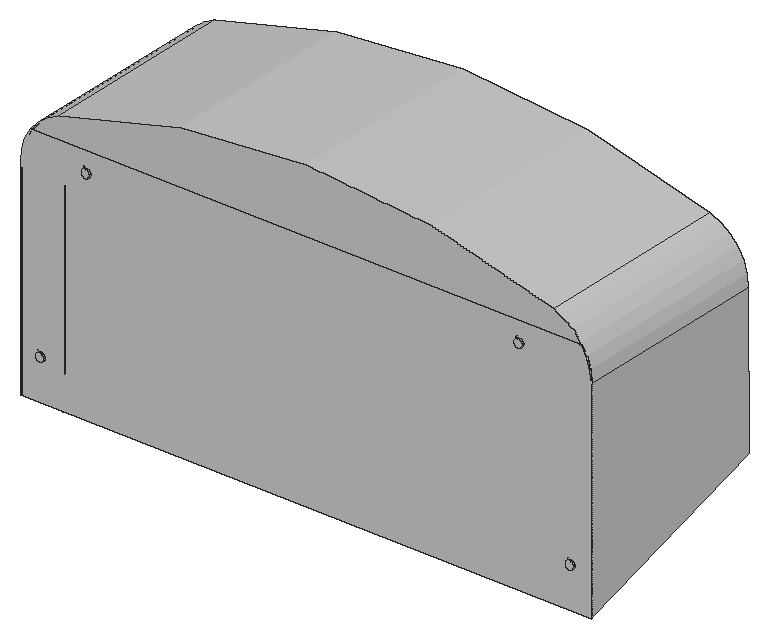
Revit family "Accessory-Option-Skirt_Assembly-Murdock_Mfg-SK5_Series", category Specialty Equipment, host Face, Revit 2021
Family settings
  Host = Face
  Round Connector Dimension = Use Diameter
  Part Type = Normal
  OmniClass Number = 23.40.20.21
  OmniClass Title = Toilet and Bath Specialties
  Cut with Voids When Loaded = No
  Shared = Yes
  Room Calculation Point = No
Parameters (values of type "A0004000-SK5")
  Width = 17 1/2"
  URL = "https://www.murdockmfg.com/"
  Type Comments = "Use with A171-UG & A172-UG series models\r"  # constant formula
  Product Page URL = "https://www.murdockmfg.com/sk5-cane-skirt"
  Product Documentation Link = "https://www.murdockmfg.com/uploads/fileLibrary/SK5.pdf?v=638886730919526252"
  Model = "A0004000-SK5"
  Material = "Metal-Murdock Mfg.-Stainless Steel-Satin"
  Manufacturer = "Murdock Mfg."
  Length = 9 3/8"
  Installation Type = "Wall Mount"
  Installation Instruction Link = "https://www.murdockmfg.com/uploads/fileLibrary/9938-391-001.pdf?v=638886730919526252"
  Height = 6"
  Finish = Metal-Murdock Mfg.-Stainless Steel-Satin
  Description = "Accessory: Skirt Assembly for ADA Bi-Level Water Cooler"
  Default Elevation = 0"
  Creation Date = "07/21/2025"  # constant formula
  Bottom Access Panel = yes
  Assembly Code = "E2020200"
  ADA Compliant = yes
Types (3): name | Model | Material | Finish
  (no name) | "A0004000-SK5" | "Metal-Murdock Mfg.-Stainless Steel-Satin" | Metal-Murdock Mfg.-Stainless Steel-Satin
  A0004000-SK5 | "A0004000-SK5" | "Metal-Murdock Mfg.-Stainless Steel-Satin" | Metal-Murdock Mfg.-Stainless Steel-Satin
  A000G000-SK5 | "A000G000-SK5" | "Steel-Murdock Mfg.-Galvanized-Gray Power Coated" | Steel-Murdock Mfg.-Galvanized-Gray Power Coated
Reference planes (in)
  plane 1 "Center (Front/Back)": y = 0
  plane 2: z = 0
  plane 3 "Center (Left/Right)": x = 0
  plane 4: x = 8.75
  plane 5: x = -8.75
  plane 6: y = -6
  plane 7: z = 9.375
  plane 8: z = 1.875
Forms (in)
  Extrusion 1, solid, material "Metal-Murdock Mfg.-Stainless Steel-Satin" <- "Finish"
    sketch origin (0, 0, 0) x (1, 0, 0) y (0, 0, 1)
      loop
        line (-8.75, 0) -> (-8.71875, 0) -> (-8.71875, 6.39922)
        arc (-8.71875, 6.39922) -> (-8.40547, 7.38854) -> (-7.57984, 8.01721) r 1.71875
        arc (-7.57984, 8.01721) -> (-0.00806, 9.34373) -> (7.57091, 8.05896) r 22.62913
        arc (7.57091, 8.05896) -> (8.40274, 7.43099) -> (8.71875, 6.4378) r 1.71875
        line (8.71875, 6.4378) -> (8.71875, 0) -> (8.75, 0) -> (8.75, 6.4378)
        arc (8.75, 6.4378) -> (8.42824, 7.44905) -> (7.58129, 8.08844) r 1.75
        arc (7.58129, 8.08844) -> (-0.00815, 9.37498) -> (-7.59038, 8.04662) r 22.66038
        arc (-7.59038, 8.04662) -> (-8.43102, 7.40652) -> (-8.75, 6.39922) r 1.75
        line (-8.75, 6.39922) -> (-8.75, 0)
    from 0 to 6
  Extrusion 2, solid, material "Metal-Murdock Mfg.-Stainless Steel-Satin" <- "Finish"
    sketch origin (0, 0, 0) x (1, 0, 0) y (0, 0, 1)
      loop
        arc (8.75, 6.4378) -> (8.42824, 7.44905) -> (7.58129, 8.08844) r 1.75
        arc (7.58129, 8.08844) -> (-0.00815, 9.37498) -> (-7.59038, 8.04662) r 22.66038
        arc (-7.59038, 8.04662) -> (-8.43102, 7.40652) -> (-8.75, 6.39922) r 1.75
        line (-8.75, 6.39922) -> (-8.75, 6.22897) -> (8.75, 6.22897) -> (8.75, 6.4378)
      loop
        line (6.64865, 6.70501) -> (6.64865, 6.88676)
        arc (6.64865, 6.88676) -> (6.5426, 6.99281) -> (6.43655, 6.88676) r 0.10605
        line (6.43655, 6.88676) -> (6.43655, 6.70501)
        arc (6.43655, 6.70501) -> (6.5426, 6.59896) -> (6.64865, 6.70501) r 0.10605
      loop
        arc (-6.82226, 6.70501) -> (-6.71621, 6.59896) -> (-6.61016, 6.70501) r 0.10605
        line (-6.61016, 6.70501) -> (-6.61016, 6.88676)
        arc (-6.61016, 6.88676) -> (-6.71621, 6.99281) -> (-6.82226, 6.88676) r 0.10605
        line (-6.82226, 6.88676) -> (-6.82226, 6.70501)
    from 0 to 0.04718
  Extrusion 3, solid, material "Metal-Murdock Mfg.-Stainless Steel-Satin" <- "Finish"
    sketch origin (0, 0, 0) x (1, 0, 0) y (0, 0, 1)
      loop
        line (-8.71875, 6.22897) -> (8.71875, 6.22897) -> (8.71875, 6.4378)
        arc (8.71875, 6.4378) -> (8.40274, 7.43099) -> (7.57091, 8.05896) r 1.71875
        arc (7.57091, 8.05896) -> (-0.00806, 9.34373) -> (-7.57984, 8.01721) r 22.62913
        arc (-7.57984, 8.01721) -> (-8.40547, 7.38854) -> (-8.71875, 6.39922) r 1.71875
        line (-8.71875, 6.39922) -> (-8.71875, 6.22897)
      loop
        arc (-6.82226, 6.70501) -> (-6.71621, 6.59896) -> (-6.61016, 6.70501) r 0.10605
        line (-6.61016, 6.70501) -> (-6.61016, 6.88676)
        arc (-6.61016, 6.88676) -> (-6.71621, 6.99281) -> (-6.82226, 6.88676) r 0.10605
        line (-6.82226, 6.88676) -> (-6.82226, 6.70501)
      loop
        line (6.64865, 6.70501) -> (6.64865, 6.88676)
        arc (6.64865, 6.88676) -> (6.5426, 6.99281) -> (6.43655, 6.88676) r 0.10605
        line (6.43655, 6.88676) -> (6.43655, 6.70501)
        arc (6.43655, 6.70501) -> (6.5426, 6.59896) -> (6.64865, 6.70501) r 0.10605
    from 5.95725 to 6
  Extrusion 4, void
    sketch origin (0, 0, 0) x (0, 1, 0) y (0, 0, 1)
      loop
        line (0, 1.875) -> (-6.54231, -0.16947) -> (0, -0.16947) -> (0, 1.875)
    from -11.08883 to 9.7166
  Extrusion 5, solid, material "Metal-Murdock Mfg.-Stainless Steel-Satin" <- "Finish"
    sketch origin (0, 0, 0) x (1, 0, 0) y (0, 0, 1)
      loop
        line (8.71875, 6.22897) -> (7.38848, 6.22897) -> (7.38848, 1.875) -> (8.71875, 1.875) -> (8.71875, 6.22897)
      loop
        line (-8.75, 6.22897) -> (-8.75, 1.875) -> (-7.38848, 1.875) -> (-7.38848, 6.22897) -> (-8.75, 6.22897)
    from 0.04718 to 0.05521
  Extrusion 6, solid, material "Metal-Murdock Mfg.-Stainless Steel-Satin" <- "Finish"
    sketch origin (0, 0, 0) x (1, 0, 0) y (0, 0, 1)
      loop
        line (8.71875, 1.875) -> (8.71875, 2.91599) -> (-8.71875, 2.91599) -> (-8.71875, 1.875) -> (8.71875, 1.875)
      loop
        line (6.73546, 2.23023) -> (6.73546, 2.41198)
        arc (6.73546, 2.41198) -> (6.62941, 2.51803) -> (6.52336, 2.41198) r 0.10605
        line (6.52336, 2.41198) -> (6.52336, 2.23023)
        arc (6.52336, 2.23023) -> (6.62941, 2.12418) -> (6.73546, 2.23023) r 0.10605
      loop
        arc (-6.73546, 2.23023) -> (-6.62941, 2.12418) -> (-6.52336, 2.23023) r 0.10605
        line (-6.52336, 2.23023) -> (-6.52336, 2.41198)
        arc (-6.52336, 2.41198) -> (-6.62941, 2.51803) -> (-6.73546, 2.41198) r 0.10605
        line (-6.73546, 2.41198) -> (-6.73546, 2.23023)
    from 0.05521 to 0.07662
  Extrusion 7, solid, material "Metal-Murdock Mfg.-Stainless Steel-Satin" <- "Finish"
    sketch origin (0, 0.36462, 1.98895) x (0, -0.95448, -0.298275) y (-1, 0, 0)
      loop
        line (0.42704, -7.38848) -> (0.42704, -8.71875) -> (6.62532, -8.71875) -> (6.62532, -7.38848) -> (0.42704, -7.38848)
      loop
        line (6.66816, 7.38848) -> (6.66816, 8.71875) -> (0.43471, 8.71875) -> (0.43471, 7.38848) -> (6.66816, 7.38848)
      loop
        circle (5.33913, 8.08972) r 0.04266
      loop
        circle (5.33913, -8.08972) r 0.04266
    from 0 to 0.00956
  Extrusion 8, solid, material "Metal-Murdock Mfg.-Stainless Steel-Satin" <- "Finish"
    sketch origin (0, 0, 0) x (1, 0, 0) y (0, 0, 1)
      loop
        line (-7.38848, 1.03187) -> (-7.38848, 6.22897) -> (-8.71875, 6.22897) -> (-8.71875, 0) -> (8.71875, 0) -> (8.71875, 6.22897) -> (7.38848, 6.22897) -> (7.38848, 1.03187) -> (-7.38848, 1.03187)
      loop
        line (8.2275, 1.17475) -> (8.2275, 1.3565)
        arc (8.2275, 1.3565) -> (8.12145, 1.46255) -> (8.0154, 1.3565) r 0.10605
        line (8.0154, 1.3565) -> (8.0154, 1.17475)
        arc (8.0154, 1.17475) -> (8.12145, 1.0687) -> (8.2275, 1.17475) r 0.10605
      loop
        arc (-8.2275, 1.17475) -> (-8.12145, 1.0687) -> (-8.0154, 1.17475) r 0.10605
        line (-8.0154, 1.17475) -> (-8.0154, 1.3565)
        arc (-8.0154, 1.3565) -> (-8.12145, 1.46255) -> (-8.2275, 1.3565) r 0.10605
        line (-8.2275, 1.3565) -> (-8.2275, 1.17475)
    from 6 to 5.98422
  Extrusion 9, solid, material "Metal-Murdock Mfg.-Stainless Steel-Satin" <- "Finish", visible <- "Bottom Access Panel"
    sketch origin (0, 0, 0) x (1, 0, 0) y (0, 0, 1)
      loop
        line (-8.75, 0) -> (8.75, 0) -> (8.75, 6.4378)
        arc (8.75, 6.4378) -> (8.67526, 6.94377) -> (8.45742, 7.40652) r 1.75
        line (8.45742, 7.40652) -> (-8.43102, 7.40652)
        arc (-8.43102, 7.40652) -> (-8.66835, 6.92752) -> (-8.75, 6.39922) r 1.75
        line (-8.75, 6.39922) -> (-8.75, 0)
    from 6 to 6.01395
  Extrusion 10, solid, material "Metal-Murdock Mfg.-Stainless Steel-Satin" <- "Finish", visible <- "Bottom Access Panel"
    sketch origin (0, 0, 0) x (1, 0, 0) y (0, 0, 1)
      loop
        circle (-8.12038, 1.26085) r 0.12636
      loop
        circle (-6.72069, 6.79489) r 0.12636
      loop
        circle (8.11552, 1.26085) r 0.12636
      loop
        circle (6.54396, 6.79489) r 0.12636
    from 5.95725 to 6.05419
Cuts and joins
  Extrusion 4 cuts Extrusion 1
  joined: Extrusion 1, Extrusion 2, Extrusion 3, Extrusion 5, Extrusion 6, Extrusion 7
  joined: Extrusion 9, Extrusion 10
Lines and regions (in)
  Masking region 1
    outline origin (0, 0, 0) x (1, 0, 0) y (0, 0, 1)
      loop
        arc (7.58129, 8.08844) -> (-0.00815, 9.37498) -> (-7.59038, 8.04662) r 22.66038
        arc (-7.59038, 8.04662) -> (-8.43102, 7.40652) -> (-8.75, 6.39922) r 1.75
        line (-8.75, 6.39922) -> (-8.75, 0) -> (8.75, 0) -> (8.75, 6.4378)
        arc (8.75, 6.4378) -> (8.42824, 7.44905) -> (7.58129, 8.08844) r 1.75
  symbolic lines, detail levels fine
    curve 1: line (-8.71875, 0, 6.22897) -> (8.71875, 0, 6.22897)
    curve 2: line (7.38848, 0, 6.22897) -> (7.38848, 0, 1.875)
    curve 3: line (-7.38848, 0, 1.875) -> (-7.38848, 0, 6.22897)
    curve 4: line (7.38848, 0, 1.875) -> (7.38848, 0, 0.00366)
    curve 5: line (-7.38848, 0, -0.00912) -> (-7.38848, 0, 1.875)
    curve 6: line (7.38848, 0, 1.03187) -> (-7.38848, 0, 1.03187)
    curve 7: line (7.38848, 0, 2.91599) -> (-7.38848, 0, 2.91599)
Dimensions and locks (in)
  equal spacing: plane 5, plane 3 "Center (Left/Right)", plane 4
  "Width": plane 5 to plane 4
  "Height": plane 6 to plane 1 "Center (Front/Back)"
  "Length": plane 7 to plane 2
  "Height": plane 1 "Center (Front/Back)" to plane 6
  locked: plane 7 to plane 8 at 7.5
  aligned and locked: plane 2 to host face
  aligned and locked: level to host face
  aligned and locked: Extrusion 1 to plane 1 "Center (Front/Back)"
  aligned and locked: Extrusion 1 to plane 6
  aligned and locked: Extrusion 2 sketch curve to Extrusion 1  (x2)
  aligned and locked: Extrusion 3 to plane 6
  aligned and locked: Extrusion 4 to plane 1 "Center (Front/Back)"
  aligned and locked: Extrusion 5 sketch curve to cut or joined group of Extrusion 1, Extrusion 2, Extrusion 3, Extrusion 4, Extrusion 5, Extrusion 6, Extrusion 7  (x3)
  aligned and locked: plane 8 to Extrusion 5 sketch curve  (x2)
  aligned and locked: Extrusion 5 sketch curve to plane 5
  aligned and locked: Extrusion 5 to cut or joined group of Extrusion 1, Extrusion 2, Extrusion 3, Extrusion 4, Extrusion 5, Extrusion 6, Extrusion 7
  aligned and locked: cut or joined group of Extrusion 1, Extrusion 2, Extrusion 3, Extrusion 4, Extrusion 5, Extrusion 6, Extrusion 7 to Extrusion 6 sketch curve  (x2)
  aligned and locked: Extrusion 6 to cut or joined group of Extrusion 1, Extrusion 2, Extrusion 3, Extrusion 4, Extrusion 5, Extrusion 6, Extrusion 7
  aligned and locked: cut or joined group of Extrusion 1, Extrusion 2, Extrusion 3, Extrusion 4, Extrusion 5, Extrusion 6, Extrusion 7 to Extrusion 7 sketch curve
  aligned and locked: Extrusion 8 sketch curve to cut or joined group of Extrusion 1, Extrusion 2, Extrusion 3, Extrusion 4, Extrusion 5, Extrusion 6, Extrusion 7  (x5)
  aligned and locked: cut or joined group of Extrusion 1, Extrusion 2, Extrusion 3, Extrusion 4, Extrusion 5, Extrusion 6, Extrusion 7 to Extrusion 8 sketch curve
  aligned and locked: cut or joined group of Extrusion 1, Extrusion 2, Extrusion 3, Extrusion 4, Extrusion 5, Extrusion 6, Extrusion 7 to Extrusion 8
  aligned and locked: Extrusion 9 sketch curve to Extrusion 8
  aligned and locked: Extrusion 9 sketch curve to cut or joined group of Extrusion 1, Extrusion 2, Extrusion 3, Extrusion 4, Extrusion 5, Extrusion 6, Extrusion 7  (x3)
  aligned and locked: plane 6 to Extrusion 9
  aligned and locked: cut or joined group of Extrusion 1, Extrusion 2, Extrusion 3, Extrusion 4, Extrusion 5, Extrusion 6, Extrusion 7 to Extrusion 10
  aligned and locked: Masking region 1 sketch curve to cut or joined group of Extrusion 1, Extrusion 2, Extrusion 3, Extrusion 4, Extrusion 5, Extrusion 6, Extrusion 7  (x3)
  aligned and locked: host face to Masking region 1 sketch curve
  aligned and locked: curve 1 to cut or joined group of Extrusion 1, Extrusion 2, Extrusion 3, Extrusion 4, Extrusion 5, Extrusion 6, Extrusion 7
  aligned and locked: curve 2 to cut or joined group of Extrusion 1, Extrusion 2, Extrusion 3, Extrusion 4, Extrusion 5, Extrusion 6, Extrusion 7
  aligned and locked: curve 3 to cut or joined group of Extrusion 1, Extrusion 2, Extrusion 3, Extrusion 4, Extrusion 5, Extrusion 6, Extrusion 7
  aligned and locked: curve 4 to cut or joined group of Extrusion 1, Extrusion 2, Extrusion 3, Extrusion 4, Extrusion 5, Extrusion 6, Extrusion 7
  aligned and locked: curve 5 to cut or joined group of Extrusion 1, Extrusion 2, Extrusion 3, Extrusion 4, Extrusion 5, Extrusion 6, Extrusion 7
  aligned and locked: curve 6 to Extrusion 8
  aligned and locked: cut or joined group of Extrusion 1, Extrusion 2, Extrusion 3, Extrusion 4, Extrusion 5, Extrusion 6, Extrusion 7 to curve 7
Automatic sketch dimensions
  host sketch curve to host sketch curve = 96"  (x2)
  Extrusion 4 sketch curve to plane 8 = 0"
  Extrusion 4 sketch curve to plane 1 "Center (Front/Back)" = 0"
  Extrusion 4 sketch curve to level = 0.16947"
  Extrusion 4 sketch curve to plane 6 = 0.54231"
  Extrusion 1 sketch curve to Extrusion 1 sketch curve = 0"  (x8)
  Extrusion 1 sketch curve to plane 5 = 0"
  Extrusion 1 sketch curve to level = 0"  (x2)
  Extrusion 1 sketch curve to plane 4 = 0"
  plane 5 to Extrusion 1 sketch curve = 1/32"
  Extrusion 1 sketch curve to Extrusion 1 sketch curve = 1 23/32"
  plane 3 "Center (Left/Right)" to Extrusion 1 sketch curve = 0.05431"
  Extrusion 1 sketch curve to plane 4 = 1 3/4"
  Extrusion 1 sketch curve to plane 4 = 1/32"
  Extrusion 1 sketch curve to level = 13.28532"
  Extrusion 1 sketch curve to plane 7 = 2.97578"
  Extrusion 1 sketch curve to plane 7 = 2.9372"
  Extrusion 5 sketch curve to Extrusion 5 sketch curve = 1.36152"
  Extrusion 5 sketch curve to Extrusion 5 sketch curve = 1.33027"
  Extrusion 6 sketch curve to plane 8 = 0"
  Extrusion 6 sketch curve to plane 8 = 0.35523"
  plane 5 to Extrusion 6 sketch curve = 2.01454"
  Extrusion 6 sketch curve to Extrusion 6 sketch curve = 0.10605"  (x2)
  Extrusion 6 sketch curve to plane 8 = 0.53698"
  Extrusion 6 sketch curve to plane 4 = 2.22664"
  Extrusion 6 sketch curve to Extrusion 6 sketch curve = 0.18175"  (x2)
  Extrusion 6 sketch curve to Extrusion 6 sketch curve = 1.04099"
  Extrusion 4 to Extrusion 7 sketch curve = 0.04503"
  Extrusion 4 to Extrusion 7 sketch curve = 0.0527"
  Extrusion 4 to Extrusion 7 sketch curve = 1.8972"  (x2)
  Extrusion 4 to Extrusion 7 sketch curve = 0.61101"
  Extrusion 4 to Extrusion 7 sketch curve = 0.56817"
  Extrusion 4 to Extrusion 7 sketch curve = 0.99785"
  Extrusion 7 sketch curve to Extrusion 7 sketch curve = 0.62903"
  Extrusion 7 sketch curve to Extrusion 7 sketch curve = 1.33027"  (x2)
  Extrusion 4 to Extrusion 7 sketch curve = 3.70035"
  Extrusion 7 sketch curve to Extrusion 7 sketch curve = 0.70124"
  Extrusion 2 sketch curve to plane 4 = 0"
  Extrusion 2 sketch curve to Extrusion 2 sketch curve = 0.17774"
  Extrusion 2 sketch curve to Extrusion 2 sketch curve = 0.10605"  (x2)
  Extrusion 2 sketch curve to plane 4 = 2.31345"
  Extrusion 2 sketch curve to Extrusion 2 sketch curve = 0.35135"
  Extrusion 2 sketch curve to plane 7 = 3.14603"
  Extrusion 2 sketch curve to Extrusion 2 sketch curve = 0.20883"
  Extrusion 2 sketch curve to Extrusion 2 sketch curve = 0.3058"
  Extrusion 2 sketch curve to Extrusion 2 sketch curve = 0.26721"
  Extrusion 2 sketch curve to Extrusion 2 sketch curve = 0.18175"  (x2)
  plane 5 to Extrusion 3 sketch curve = 1/32"
  Extrusion 3 sketch curve to Extrusion 3 sketch curve = 1 23/32"
  Extrusion 3 sketch curve to Extrusion 3 sketch curve = 0.17774"
  Extrusion 3 sketch curve to Extrusion 3 sketch curve = 0.10605"  (x2)
  plane 3 "Center (Left/Right)" to Extrusion 3 sketch curve = 0.05431"
  Extrusion 3 sketch curve to plane 4 = 2.31345"
  Extrusion 3 sketch curve to Extrusion 3 sketch curve = 0.35135"
  Extrusion 3 sketch curve to plane 4 = 1/32"
  Extrusion 3 sketch curve to level = 13.28532"
  Extrusion 3 sketch curve to plane 7 = 3.14603"
  Extrusion 3 sketch curve to Extrusion 3 sketch curve = 0.17024"
  Extrusion 3 sketch curve to Extrusion 3 sketch curve = 0.20883"
  Extrusion 3 sketch curve to Extrusion 3 sketch curve = 0.26721"
  Extrusion 3 sketch curve to Extrusion 3 sketch curve = 0.3058"
  Extrusion 3 sketch curve to Extrusion 3 sketch curve = 0.18175"  (x2)
  Extrusion 3 sketch curve to Extrusion 3 sketch curve = 0"
  plane 5 to Extrusion 8 sketch curve = 0.5225"
  Extrusion 8 sketch curve to Extrusion 8 sketch curve = 0.10605"  (x2)
  Extrusion 8 sketch curve to Extrusion 8 sketch curve = 0.62692"
  plane 8 to Extrusion 8 sketch curve = 0.84313"
  plane 8 to Extrusion 8 sketch curve = 0.70025"  (x2)
  Extrusion 8 sketch curve to Extrusion 8 sketch curve = 0.18175"  (x2)
  Extrusion 8 sketch curve to plane 7 = 3.14603"
  plane 5 to Extrusion 9 sketch curve = 0.31898"
  plane 5 to Extrusion 10 sketch curve = 0.62962"
  plane 5 to Extrusion 10 sketch curve = 2.02931"
  Extrusion 10 sketch curve to plane 4 = 2.20604"
  Extrusion 10 sketch curve to plane 4 = 0.63448"
  plane 8 to Extrusion 10 sketch curve = 0.61415"  (x2)
  Extrusion 10 sketch curve to plane 7 = 2.58011"  (x2)
  curve 2 to plane 8 = 0"
  curve 5 to plane 8 = 0"
  plane 5 to curve 1 = 1/32"
  curve 1 to plane 4 = 1/32"
  level to curve 4 = 0.00366"
  curve 5 to level = 0.00912"
  radius of Extrusion 7 sketch curve = 0.04266"  (x2)
  radius of Extrusion 10 sketch curve = 0.12636"  (x4)
